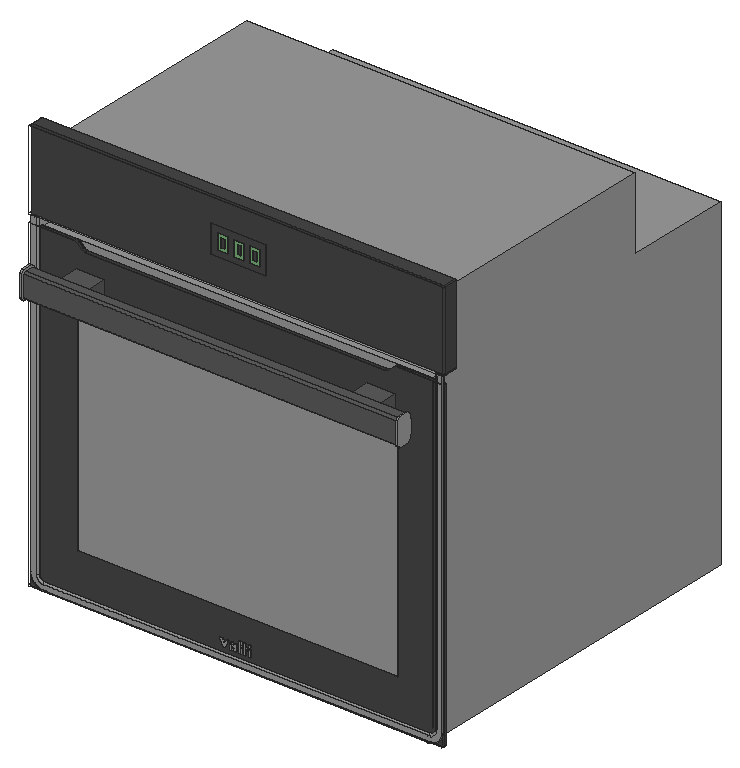
Revit family "59_E750110", category Equipos especializados, Revit 2021
Family settings
  Cota de conector redondo = Diámetro de uso
  Tipo de pieza = Normal
  Se basa en plano de trabajo = No
  Siempre vertical = Sí
  Corte con vacíos al cargar = No
  Compartido = No
  Punto de cálculo de habitación = No
Parameters (values of type "E750110")
  Volumen interior = "75 Litros"
  Voltage / Frecuencia = "220 V"
  Vidrio interior desmontable = "Easy Clean"
  URL = "www.vatti.cl"
  Tirador de puerta = "Acero Inox"
  Timer = "con Autoapagado"
  Termostato con luz indicadora = "Sí"
  Temporizador = "Sí"
  Temperatura Máxima = "250° C"
  Tamaño del producto = "598 x 598 x 555"
  Tamaño del corte en superficie = "598 x 598"
  Sello puerta = "Perimetral 100%"
  Rieles para bandejas = "Multiposición en cuerpo"
  Puerta Vidiro = Panel Vidrio
  Puerta Negro = Panel Negro
  Puerta Interior = Interior Negro
  Potencia = "2880 W"
  Peso = "32,3 Kg"
  Perilla Interior = Perilla Negro
  Perilla Exterior = Acero Inox
  Paneles = "Vidrio - Acero Inox"
  Panel Control Cubierta = Panel Vidrio
  Panel Control = Panel Negro
  Modo de Control = "Control Digital"
  Modelo = "E750110"
  Fabricante = "Vatti"
  Luz Interior = "Sí"
  Instalación = "Empotrado"
  Grill = "Doble"
  Fondo = 55.5 cm
  Facilidad de Uso = "9 programas de cocción"
  Especificación Técnica = "Horno eléctrico empotrable, marca Vatti, modelo E750110"
  Elevación por defecto = 0 cm
  Display = "White Soft Touch Led"
  Descripción = "Horno eléctrico empotrable, marca Vatti, modelo E750110"
  Cuerpo Horno = Steel, Galvanized
  Creado por = "Unibim"
  Convección = "Forzada"
  Contacto teléfono = "+562 2 2478105"
  Contacto e-mail = "cvender@vatti.cl"
  Color Logo = Logo
  Asa Tope = Tapa Asa
  Asa Puerta de Horno = Iron, Gray
  Aprobaciones = "CE/GS/CB/SAA"
  Ancho = 59.8 cm
  Alto = 59.8 cm
  Aislación = "Triple Capa"
Reference planes (cm)
  plane 1 "Center (Front/Back)": y = 0
  plane 2: z = 0
  plane 3 "Center (Left/Right)": x = 0
  plane 4: z = 47.0672
  plane 5: y = 27.75
  plane 6: x = -29.9
  plane 7: x = 29.9
  plane 8: y = -27.75
  plane 9: x = -28.85
  plane 10: x = 28.85
  plane 11: z = 1.05
  plane 12: z = 48.0672
  plane 13: x = -28
  plane 14: x = 28
  plane 15: z = 59.8
Forms (cm)
  Extrusion 1, solid, material "Panel Vidrio" <- "Panel Control Cubierta"
    sketch origin (-91.772, -27.75, 400) x (-1, 0, 0) y (0, 0, 1)
      loop
        line (-62.022, -340.3328) -> (-121.522, -340.3328)
        arc (-121.522, -340.3328) -> (-121.628, -340.3768) -> (-121.672, -340.4828) r 0.15
        line (-121.672, -340.4828) -> (-121.672, -351.7828)
        arc (-121.672, -351.7828) -> (-121.628, -351.8889) -> (-121.522, -351.9328) r 0.15
        line (-121.522, -351.9328) -> (-62.022, -351.9328)
        arc (-62.022, -351.9328) -> (-61.9159, -351.8889) -> (-61.872, -351.7828) r 0.15
        line (-61.872, -351.7828) -> (-61.872, -340.4828)
        arc (-61.872, -340.4828) -> (-61.9159, -340.3768) -> (-62.022, -340.3328) r 0.15
    from 0 to 0.5
  Extrusion 2, solid, material "Panel Vidrio" <- "Puerta Vidiro"
    sketch origin (-91.772, -27.75, 400) x (-1, 0, 0) y (0, 0, 1)
      loop
        arc (-121.522, -352.9328) -> (-121.628, -352.9768) -> (-121.672, -353.0828) r 0.15
        line (-121.672, -353.0828) -> (-121.672, -399.85)
        arc (-121.672, -399.85) -> (-121.628, -399.9561) -> (-121.522, -400) r 0.15
        line (-121.522, -400) -> (-62.022, -400)
        arc (-62.022, -400) -> (-61.9159, -399.9561) -> (-61.872, -399.85) r 0.15
        line (-61.872, -399.85) -> (-61.872, -353.0828)
        arc (-61.872, -353.0828) -> (-61.9159, -352.9768) -> (-62.022, -352.9328) r 0.15
        line (-62.022, -352.9328) -> (-68.482, -352.9328)
        arc (-68.482, -352.9328) -> (-68.7499, -352.9861) -> (-68.977, -353.1379) r 0.7
        line (-68.977, -353.1379) -> (-69.5669, -353.7278)
        arc (-69.5669, -353.7278) -> (-69.794, -353.8796) -> (-70.0619, -353.9328) r 0.7
        line (-70.0619, -353.9328) -> (-113.482, -353.9328)
        arc (-113.482, -353.9328) -> (-113.7499, -353.8796) -> (-113.977, -353.7278) r 0.7
        line (-113.977, -353.7278) -> (-114.5669, -353.1379)
        arc (-114.5669, -353.1379) -> (-114.794, -352.9861) -> (-115.0619, -352.9328) r 0.7
        line (-115.0619, -352.9328) -> (-121.522, -352.9328)
    from 0 to 0.4
  Extrusion 3, solid, material "Panel Negro" <- "Panel Control"
    sketch origin (-91.772, -27.25, 400) x (-1, 0, 0) y (0, 0, 1)
      loop
        line (-62.022, -340.3328) -> (-121.522, -340.3328)
        arc (-121.522, -340.3328) -> (-121.628, -340.3768) -> (-121.672, -340.4828) r 0.15
        line (-121.672, -340.4828) -> (-121.672, -351.7828)
        arc (-121.672, -351.7828) -> (-121.628, -351.8889) -> (-121.522, -351.9328) r 0.15
        line (-121.522, -351.9328) -> (-62.022, -351.9328)
        arc (-62.022, -351.9328) -> (-61.9159, -351.8889) -> (-61.872, -351.7828) r 0.15
        line (-61.872, -351.7828) -> (-61.872, -340.4828)
        arc (-61.872, -340.4828) -> (-61.9159, -340.3768) -> (-62.022, -340.3328) r 0.15
      loop
        line (-87.772, -344.1328) -> (-95.772, -344.1328) -> (-95.772, -348.1328) -> (-87.772, -348.1328) -> (-87.772, -344.1328)
    from 0 to 1.8
  Extrusion 4, solid, material "Panel Negro" <- "Puerta Negro"
    sketch origin (-91.772, -27.35, 400) x (-1, 0, 0) y (0, 0, 1)
      loop
        line (-62.022, -352.9328) -> (-68.482, -352.9328)
        arc (-68.482, -352.9328) -> (-68.7499, -352.9861) -> (-68.977, -353.1379) r 0.7
        line (-68.977, -353.1379) -> (-69.5669, -353.7278)
        arc (-69.5669, -353.7278) -> (-69.794, -353.8796) -> (-70.0619, -353.9328) r 0.7
        line (-70.0619, -353.9328) -> (-113.482, -353.9328)
        arc (-113.482, -353.9328) -> (-113.7499, -353.8796) -> (-113.977, -353.7278) r 0.7
        line (-113.977, -353.7278) -> (-114.5669, -353.1379)
        arc (-114.5669, -353.1379) -> (-114.794, -352.9861) -> (-115.0619, -352.9328) r 0.7
        line (-115.0619, -352.9328) -> (-121.522, -352.9328)
        arc (-121.522, -352.9328) -> (-121.628, -352.9768) -> (-121.672, -353.0828) r 0.15
        line (-121.672, -353.0828) -> (-121.672, -399.85)
        arc (-121.672, -399.85) -> (-121.628, -399.9561) -> (-121.522, -400) r 0.15
        line (-121.522, -400) -> (-62.022, -400)
        arc (-62.022, -400) -> (-61.9159, -399.9561) -> (-61.872, -399.85) r 0.15
        line (-61.872, -399.85) -> (-61.872, -353.0828)
        arc (-61.872, -353.0828) -> (-61.9159, -352.9768) -> (-62.022, -352.9328) r 0.15
      loop
        line (-68.622, -360.9328) -> (-114.922, -360.9328) -> (-114.922, -393.25) -> (-68.622, -393.25) -> (-68.622, -360.9328)
    from 0 to 0.1
  Extrusion 5, solid, material "Interior Negro" <- "Puerta Interior"
    sketch origin (-91.772, -27.25, 400) x (-1, 0, 0) y (0, 0, 1)
      loop
        line (-68.622, -360.9328) -> (-114.922, -360.9328) -> (-114.922, -393.25) -> (-68.622, -393.25) -> (-68.622, -360.9328)
      loop
        line (-63.6864, -352.9328) -> (-119.8575, -352.9328) -> (-119.8575, -398.1)
        arc (-119.8575, -398.1) -> (-119.7885, -398.2666) -> (-119.622, -398.3356) r 0.2356
        line (-119.622, -398.3356) -> (-63.922, -398.3356)
        arc (-63.922, -398.3356) -> (-63.7554, -398.2666) -> (-63.6864, -398.1) r 0.2356
        line (-63.6864, -398.1) -> (-63.6864, -352.9328)
    from 0 to 2.04
  Extrusion 6, void
    sketch origin (-29.75, -25.75, 0) x (-1, 0, 0) y (0, 0, 1)
      loop
        line (-6.6, 47.0672) -> (-6.6, 48.0672) -> (-13.8, 48.0672) -> (-13.8, 47.0672) -> (-6.6, 47.0672)
      loop
        line (-50.6, 47.0672) -> (-45.4, 47.0672) -> (-45.4, 48.0672) -> (-50.6, 48.0672) -> (-50.6, 47.0672)
      loop
        line (-29.65, 47.0672) -> (-29.65, 48.0672) -> (-34.8, 48.0672) -> (-34.8, 47.0672) -> (-29.65, 47.0672)
      loop
        line (-29.55, 48.0672) -> (-29.55, 47.0672) -> (-24.4, 47.0672) -> (-24.4, 48.0672) -> (-29.55, 48.0672)
      loop
        line (-24.3, 48.0672) -> (-24.3, 47.0672) -> (-19.15, 47.0672) -> (-19.15, 48.0672) -> (-24.3, 48.0672)
      loop
        line (-19.05, 48.0672) -> (-19.05, 47.0672) -> (-13.9, 47.0672) -> (-13.9, 48.0672) -> (-19.05, 48.0672)
      loop
        line (-34.9, 47.0672) -> (-34.9, 48.0672) -> (-40.05, 48.0672) -> (-40.05, 47.0672) -> (-34.9, 47.0672)
      loop
        line (-40.15, 47.0672) -> (-40.15, 48.0672) -> (-45.3, 48.0672) -> (-45.3, 47.0672) -> (-40.15, 47.0672)
    from 0 to 1.5
  Extrusion 7, solid, material "Steel, Galvanized" <- "Cuerpo Horno"
    sketch origin (-28.85, -153.4, 86.4408) x (0, 0, 1) y (0, -1, 0)
      loop
        line (-39.4408, -178.2) -> (-39.4408, -162.75) -> (-28.8408, -162.75) -> (-28.8408, -127.85) -> (-86.4408, -127.85) -> (-86.4408, -178.2) -> (-39.4408, -178.2)
    from 0.85 to 56.85
  Extrusion 8, solid, material "Panel Interior"
    sketch origin (-91.772, -25.21, 400) x (-1, 0, 0) y (0, 0, 1)
      loop
        line (-68.622, -360.9328) -> (-114.922, -360.9328) -> (-114.922, -393.25) -> (-68.622, -393.25) -> (-68.622, -360.9328)
    from 0 to -2.12
  Sweep 9, solid, material "Interior Negro"
    path origin (-91.772, -25.75, 400) x (-1, 0, 0) y (0, 0, 1)
      loop
        line (-119.772, -351.9328) -> (-119.772, -398.1)
        arc (-119.772, -398.1) -> (-119.728, -398.2061) -> (-119.622, -398.25) r 0.15
        line (-119.622, -398.25) -> (-63.922, -398.25)
        arc (-63.922, -398.25) -> (-63.8159, -398.2061) -> (-63.772, -398.1) r 0.15
        line (-63.772, -398.1) -> (-63.772, -351.9328)
    profile origin (-28, -25.75, 24.9836) x (1, 0, 0) y (0, 1, 0)
      loop
        line (0, 0) -> (-0.0856, 0) -> (-0.7013, -1.6222)
        arc (-0.7013, -1.6222) -> (-0.7821, -1.7252) -> (-0.907, -1.7642) r 0.22
        line (-0.907, -1.7642) -> (-1.71, -1.7642)
        arc (-1.71, -1.7642) -> (-1.75, -1.8042) -> (-1.71, -1.8442) r 0.04
        line (-1.71, -1.8442) -> (-0.907, -1.8442)
        arc (-0.907, -1.8442) -> (-0.7366, -1.7911) -> (-0.6265, -1.6506) r 0.3
        line (-0.6265, -1.6506) -> (0, 0)
  Extrusion 10, solid, material "Iron, Gray" <- "Asa Puerta de Horno"
    sketch origin (0, 0, 0) x (0, 1, 0) y (0, 0, 1)
      loop
        line (-32.1, 43.7172) -> (-32.35, 43.4672) -> (-32.35, 40.3672) -> (-32.1, 40.1172) -> (-30.8, 40.1172) -> (-30.55, 40.3672)
        arc (-30.55, 40.3672) -> (-30.3563, 41.9172) -> (-30.55, 43.4672) r 6.3
        line (-30.55, 43.4672) -> (-30.8, 43.7172) -> (-32.1, 43.7172)
    from -27 to 27
  Extrusion 11, solid, material "Iron, Gray" <- "Asa Puerta de Horno"
    sketch origin (-91.772, -27.75, 400) x (-1, 0, 0) y (0, 0, 1)
      loop
        line (-68.772, -356.5328) -> (-72.772, -356.5328) -> (-72.772, -359.6328) -> (-68.772, -359.6328) -> (-68.772, -356.5328)
      loop
        line (-114.772, -356.5328) -> (-114.772, -359.6328) -> (-110.772, -359.6328) -> (-110.772, -356.5328) -> (-114.772, -356.5328)
    from 0 to -3.1064
  Blend 12, solid, material "Steel, Galvanized" <- "Cuerpo Horno"
    base sketch origin (-28.85, 24.8, 0) x (0, 0, 1) y (1, 0, 0)
      loop
        line (44, 8.85) -> (44, 48.85)
        arc (44, 48.85) -> (42.5355, 52.3855) -> (39, 53.85) r 5
        line (39, 53.85) -> (8, 53.85)
        arc (8, 53.85) -> (4.4645, 52.3855) -> (3, 48.85) r 5
        line (3, 48.85) -> (3, 8.85)
        arc (3, 8.85) -> (4.4645, 5.3145) -> (8, 3.85) r 5
        line (8, 3.85) -> (39, 3.85)
        arc (39, 3.85) -> (42.5355, 5.3145) -> (44, 8.85) r 5
    top sketch origin (-28.85, 24.8, 0) x (0, 0, 1) y (1, 0, 0)
      loop
        line (41, 8.85) -> (41, 48.85)
        arc (41, 48.85) -> (40.4142, 50.2642) -> (39, 50.85) r 2
        line (39, 50.85) -> (8, 50.85)
        arc (8, 50.85) -> (6.5858, 50.2642) -> (6, 48.85) r 2
        line (6, 48.85) -> (6, 8.85)
        arc (6, 8.85) -> (6.5858, 7.4358) -> (8, 6.85) r 2
        line (8, 6.85) -> (39, 6.85)
        arc (39, 6.85) -> (40.4142, 7.4358) -> (41, 8.85) r 2
    from 0 to 2.95
  Extrusion 13, solid, material "Panel Negro" <- "Panel Control"
    sketch origin (-28.85, 9.35, 47) x (0, 0, 1) y (1, 0, 0)
      loop
        line (8.1, 41.85) -> (8.1, 50.85) -> (2.5, 50.85) -> (2.5, 41.85) -> (8.1, 41.85)
    from 0 to 3
  Extrusion 14, solid, material "Tapa Asa" <- "Asa Tope"
    sketch origin (-27, 0, 0) x (0, -1, 0) y (0, 0, 1)
      loop
        line (30.7172, 43.9172) -> (30.37, 43.57)
        arc (30.37, 43.57) -> (30.1563, 41.9172) -> (30.37, 40.2643) r 6.5
        line (30.37, 40.2643) -> (30.7172, 39.9172) -> (32.1828, 39.9172) -> (32.55, 40.2843) -> (32.55, 43.55) -> (32.1828, 43.9172) -> (30.7172, 43.9172)
    from 0 to 0.3
  Extrusion 15, solid, material "Tapa Asa" <- "Asa Tope"
    sketch origin (27, 0, 0) x (0, -1, 0) y (0, 0, -1)
      loop
        line (30.7172, -43.9172) -> (32.1828, -43.9172) -> (32.55, -43.55) -> (32.55, -40.2843) -> (32.1828, -39.9172) -> (30.7172, -39.9172) -> (30.37, -40.2643)
        arc (30.37, -40.2643) -> (30.1563, -41.9172) -> (30.37, -43.57) r 6.5
        line (30.37, -43.57) -> (30.7172, -43.9172)
    from 0 to 0.3
  Extrusion 16, solid, material "Panel Negro" <- "Panel Control"
    sketch origin (-91.772, -27.75, 400) x (1, 0, 0) y (0, 0, 1)
      loop
        line (87.772, -344.1328) -> (87.772, -348.1328) -> (95.772, -348.1328) -> (95.772, -344.1328) -> (87.772, -344.1328)
      loop
        line (88.765, -345.0589) -> (88.765, -347.2835) -> (90.265, -347.2835) -> (90.265, -345.0589) -> (88.765, -345.0589)
      loop
        line (91.1463, -345.0589) -> (91.1463, -347.2835) -> (92.619, -347.2835) -> (92.619, -345.0589) -> (91.1463, -345.0589)
      loop
        line (93.4023, -345.0589) -> (93.4023, -347.2835) -> (94.8749, -347.2835) -> (94.8749, -345.0589) -> (93.4023, -345.0589)
      loop
        line (94.3749, -345.5589) -> (93.9023, -345.5589) -> (93.9023, -346.7835) -> (94.3749, -346.7835) -> (94.3749, -345.5589)
      loop
        line (91.6463, -345.5589) -> (91.6463, -346.7835) -> (92.119, -346.7835) -> (92.119, -345.5589) -> (91.6463, -345.5589)
      loop
        line (89.765, -345.5589) -> (89.265, -345.5589) -> (89.265, -346.7835) -> (89.765, -346.7835) -> (89.765, -345.5589)
    from -2.3 to -0.5
  Extrusion 17, solid, material "led"
    sketch origin (-91.772, -27.75, 400) x (1, 0, 0) y (0, 0, 1)
      loop
        line (88.765, -345.0589) -> (88.765, -347.2835) -> (90.265, -347.2835) -> (90.265, -345.0589) -> (88.765, -345.0589)
      loop
        line (91.1463, -345.0589) -> (91.1463, -347.2835) -> (92.619, -347.2835) -> (92.619, -345.0589) -> (91.1463, -345.0589)
      loop
        line (93.4023, -345.0589) -> (93.4023, -347.2835) -> (94.8749, -347.2835) -> (94.8749, -345.0589) -> (93.4023, -345.0589)
      loop
        line (94.3749, -345.5589) -> (93.9023, -345.5589) -> (93.9023, -346.7835) -> (94.3749, -346.7835) -> (94.3749, -345.5589)
      loop
        line (91.6463, -345.5589) -> (91.6463, -346.7835) -> (92.119, -346.7835) -> (92.119, -345.5589) -> (91.6463, -345.5589)
      loop
        line (89.765, -345.5589) -> (89.265, -345.5589) -> (89.265, -346.7835) -> (89.765, -346.7835) -> (89.765, -345.5589)
    from -2.3 to -0.5
Cuts and joins
  Extrusion 6 cuts Extrusion 7
  joined: Extrusion 7, Blend 12
  joined: Extrusion 10, Extrusion 11
Dimensions and locks (cm)
  equal spacing: plane 6, plane 3 "Center (Left/Right)", plane 7
  equal spacing: plane 5, plane 1 "Center (Front/Back)", plane 8
  "Fondo": plane 5 to plane 8
  "Ancho": plane 6 to plane 7
  plane 9 to plane 6 = 1.05 cm
  plane 7 to plane 10 = 1.05 cm
  plane 11 to level = 1.05 cm
  plane 4 to level = 47.0672 cm
  plane 12 to plane 4 = 1 cm
  "Alto": plane 15 to level
  aligned and locked: level to plane 2
  aligned and locked: plane 4 to Extrusion 2
Automatic sketch dimensions
  Extrusion 1 sketch curve to plane 7 = 0 cm
  Extrusion 1 sketch curve to plane 12 = 0 cm
  Extrusion 1 sketch curve to plane 6 = 0 cm
  Extrusion 1 sketch curve to Extrusion 1 sketch curve = 0.15 cm  (x2)
  plane 6 to Extrusion 1 sketch curve = 0.15 cm  (x2)
  Extrusion 1 sketch curve to plane 15 = 0.2828 cm
  Extrusion 2 sketch curve to plane 7 = 0 cm
  Extrusion 2 sketch curve to plane 4 = 0 cm  (x2)
  Extrusion 2 sketch curve to level = 0 cm
  Extrusion 2 sketch curve to plane 6 = 0 cm
  Extrusion 2 sketch curve to plane 7 = 0.15 cm
  level to Extrusion 2 sketch curve = 0.15 cm
  plane 14 to Extrusion 2 sketch curve = 4.7101 cm
  Extrusion 2 sketch curve to plane 4 = 0.205 cm  (x2)
  Extrusion 2 sketch curve to Extrusion 2 sketch curve = 0.495 cm  (x3)
  Extrusion 2 sketch curve to plane 4 = 0.795 cm  (x2)
  Extrusion 2 sketch curve to Extrusion 2 sketch curve = 0.5899 cm  (x2)
  Extrusion 2 sketch curve to plane 4 = 0.3 cm  (x2)
  Extrusion 2 sketch curve to plane 13 = 6.2899 cm
  plane 6 to Extrusion 2 sketch curve = 0.15 cm
  Extrusion 2 sketch curve to Extrusion 2 sketch curve = 0.15 cm
  Extrusion 2 to Extrusion 4 sketch curve = 0 cm
  Extrusion 4 sketch curve to Extrusion 2 = 0 cm
  Extrusion 4 sketch curve to Extrusion 4 sketch curve = 0.15 cm
  Extrusion 2 to Extrusion 4 sketch curve = 0.3 cm
  Extrusion 4 sketch curve to Extrusion 2 = 6.75 cm  (x3)
  Extrusion 4 sketch curve to Extrusion 2 = 0.205 cm  (x2)
  Extrusion 2 to Extrusion 4 sketch curve = 0.205 cm  (x2)
  Extrusion 4 sketch curve to Extrusion 2 = 0.3 cm
  Extrusion 4 sketch curve to Extrusion 2 = 0.15 cm
  Extrusion 4 sketch curve to Extrusion 2 = 7 cm
  Extrusion 5 sketch curve to Extrusion 4 = 0 cm  (x5)
  Extrusion 5 sketch curve to Extrusion 4 = 2.05 cm  (x2)
  Extrusion 5 sketch curve to Extrusion 4 = 1.8144 cm
  Extrusion 5 sketch curve to Extrusion 5 sketch curve = 0.2356 cm
  Extrusion 5 sketch curve to Extrusion 4 = 1.9 cm
  Extrusion 6 sketch curve to plane 4 = 0 cm  (x8)
  Extrusion 6 sketch curve to plane 12 = 0 cm  (x8)
  plane 14 to Extrusion 6 sketch curve = 7.15 cm
  Extrusion 6 sketch curve to Extrusion 6 sketch curve = 5.2 cm
  Extrusion 6 sketch curve to Extrusion 6 sketch curve = 0.1 cm  (x7)
  Extrusion 6 sketch curve to Extrusion 6 sketch curve = 5.15 cm  (x5)
  Extrusion 6 sketch curve to plane 3 "Center (Left/Right)" = 0.1 cm
  Extrusion 6 sketch curve to plane 13 = 4.85 cm
  Extrusion 7 sketch curve to level = 0 cm
  Extrusion 7 sketch curve to plane 4 = 0.0672 cm
  Extrusion 7 sketch curve to plane 15 = 2.2 cm
  Extrusion 7 sketch curve to plane 5 = 2.95 cm
  Extrusion 7 sketch curve to plane 1 "Center (Front/Back)" = 9.35 cm
  plane 8 to Extrusion 7 sketch curve = 2.2 cm
  Extrusion 8 sketch curve to Extrusion 5 = 0 cm  (x4)
  plane 14 to Sweep 9 sketch curve = 0 cm
  Sweep 9 sketch curve to plane 12 = 0 cm  (x2)
  plane 13 to Sweep 9 sketch curve = 0 cm
  plane 14 to Sweep 9 sketch curve = 0.15 cm
  Sweep 9 sketch curve to Sweep 9 sketch curve = 0.15 cm
  plane 11 to Sweep 9 sketch curve = 0.85 cm
  Sweep 9 sketch curve to Sweep 9 sketch curve = 0 cm  (x2)
  Sweep 9 sketch curve to profile plane = 0 cm  (x2)
  Sweep 9 sketch curve to Sweep 9 sketch curve = 0.0856 cm
  profile plane to Sweep 9 sketch curve = 0.6265 cm
  Sweep 9 sketch curve to Sweep 9 sketch curve = 0.0748 cm
  Sweep 9 sketch curve to Sweep 9 sketch curve = 0.2057 cm
  Sweep 9 sketch curve to Sweep 9 sketch curve = 0.803 cm
  Sweep 9 sketch curve to profile plane = 1.5442 cm
  Sweep 9 sketch curve to Sweep 9 sketch curve = 0.0781 cm
  Sweep 9 sketch curve to Sweep 9 sketch curve = 0.0284 cm
  Extrusion 10 sketch curve to plane 8 = 8.9063 cm
  Extrusion 10 sketch curve to Extrusion 10 sketch curve = 4.3063 cm
  Extrusion 10 sketch curve to Extrusion 10 sketch curve = 0.25 cm  (x7)
  Extrusion 10 sketch curve to Extrusion 10 sketch curve = 1.3 cm  (x2)
  Extrusion 10 sketch curve to plane 4 = 6.95 cm
  Extrusion 10 sketch curve to Extrusion 10 sketch curve = 1.55 cm
  Extrusion 10 sketch curve to Extrusion 10 sketch curve = 0 cm
  plane 14 to Extrusion 11 sketch curve = 5 cm
  Extrusion 11 sketch curve to Extrusion 11 sketch curve = 4 cm  (x2)
  Extrusion 11 sketch curve to plane 4 = 3.6 cm  (x2)
  Extrusion 11 sketch curve to plane 13 = 9 cm
  Extrusion 11 sketch curve to Extrusion 11 sketch curve = 3.1 cm  (x2)
  Blend 12 sketch curve to Extrusion 7 = 3 cm
  Extrusion 7 to Blend 12 sketch curve = 3 cm  (x3)
  Blend 12 sketch curve to Blend 12 sketch curve = 5 cm  (x2)
  Extrusion 7 to Blend 12 sketch curve = 8 cm  (x5)
  Blend 12 sketch curve to Extrusion 7 = 6 cm
  Blend 12 sketch curve to Blend 12 sketch curve = 2 cm  (x3)
  Extrusion 7 to Blend 12 sketch curve = 6 cm
  Extrusion 7 to Extrusion 13 sketch curve = 2.5 cm  (x2)
  Extrusion 7 to Extrusion 13 sketch curve = 15 cm
  Extrusion 7 to Extrusion 13 sketch curve = 6 cm
  Extrusion 10 to Extrusion 14 sketch curve = 0.2 cm  (x3)
  Extrusion 14 sketch curve to Extrusion 10 = 0.1672 cm  (x4)
  Extrusion 14 sketch curve to Extrusion 14 sketch curve = 1.4657 cm  (x2)
  Extrusion 14 sketch curve to Extrusion 10 = 0.1471 cm  (x2)
  Extrusion 15 sketch curve to plane 8 = 2.62 cm  (x2)
  Extrusion 15 sketch curve to Extrusion 15 sketch curve = 0.3471 cm  (x4)
  Extrusion 15 sketch curve to Extrusion 15 sketch curve = 1.4657 cm  (x2)
  Extrusion 15 sketch curve to Extrusion 15 sketch curve = 0.3672 cm  (x2)
  Extrusion 15 sketch curve to Extrusion 15 sketch curve = 4.1063 cm
  Extrusion 15 sketch curve to plane 4 = 3.15 cm
  Extrusion 15 sketch curve to Extrusion 15 sketch curve = 1.6328 cm
  Extrusion 15 sketch curve to Extrusion 15 sketch curve = 0.02 cm
  Extrusion 3 sketch curve to Extrusion 1 = 0.15 cm  (x2)
  Extrusion 3 sketch curve to Extrusion 1 = 3.8 cm  (x2)
  Extrusion 3 sketch curve to Extrusion 1 = 25.9 cm
  Extrusion 3 sketch curve to Extrusion 3 sketch curve = 8 cm
  Extrusion 16 sketch curve to Extrusion 1 = 3.8 cm
  Extrusion 16 sketch curve to Extrusion 1 = 25.9 cm
  Extrusion 16 sketch curve to Extrusion 16 sketch curve = 0.9931 cm
  Extrusion 16 sketch curve to Extrusion 16 sketch curve = 0.8813 cm
  Extrusion 16 sketch curve to Extrusion 16 sketch curve = 1.4726 cm
  Extrusion 16 sketch curve to Extrusion 16 sketch curve = 0.7833 cm
  Extrusion 16 sketch curve to Extrusion 16 sketch curve = 0.897 cm
  Extrusion 16 sketch curve to Extrusion 16 sketch curve = 0.8493 cm  (x2)
  Extrusion 16 sketch curve to Extrusion 16 sketch curve = 0 cm
  Extrusion 16 sketch curve to Extrusion 16 sketch curve = 2.2246 cm  (x3)
  Extrusion 16 sketch curve to Extrusion 16 sketch curve = 0.9261 cm
  Extrusion 16 sketch curve to Extrusion 16 sketch curve = 0.5 cm  (x13)
  Extrusion 16 sketch curve to Extrusion 16 sketch curve = 0.4726 cm
  Extrusion 17 sketch curve to Extrusion 17 sketch curve = 0.5 cm  (x13)
  Extrusion 17 sketch curve to Extrusion 17 sketch curve = 0.8813 cm
  Extrusion 17 sketch curve to Extrusion 17 sketch curve = 0.4726 cm  (x2)
  Extrusion 17 sketch curve to Extrusion 17 sketch curve = 0.7833 cm
  Extrusion 17 sketch curve to Extrusion 17 sketch curve = 0 cm  (x2)
  Extrusion 17 sketch curve to Extrusion 17 sketch curve = 1.2246 cm  (x3)
  Extrusion 17 sketch curve to Extrusion 1 = 4.6493 cm
  Extrusion 17 sketch curve to Extrusion 1 = 26.8931 cm
  radius of Extrusion 4 sketch curve to Extrusion 2 = 0 cm  (x4)
  radius of Extrusion 10 to Extrusion 14 sketch curve = 0.2 cm
  radius of Extrusion 3 sketch curve to Extrusion 1 = 0 cm  (x2)
Nested families (cm)
  nested 1: "Logo Plano" at (0, -27.75, 2.9579) x (1, 0, 0) z (0, -1, 0), type "Logo Plano"
Connectors (cm)
  electrical at (17.5, 12.35, 52.3)
    settings: on Extrusion 13, index 1, voltage 220 V, apparent load 0 VA, apparent load phase1 0 VA, apparent load phase2 0 VA, apparent load phase3 0 VA, power factor 1, load classification "Other", number of poles 1, system type 31, power factor state 1, is connector primary yes, connector utility no, sub classification motor no, connector description ""
Definition of nested family "Logo Plano"
  Parameters (values of type "Logo Plano")
    Default Elevation = 121.92 cm
    Color Logo = none
  Reference planes (cm)
    plane 1 "Center (Front/Back)": y = 0
    plane 2: z = 0
    plane 3 "Center (Left/Right)": x = 0
  Forms (cm)
    Extrusion 1, solid
      sketch origin (0, 0, 0) x (1, 0, 0) y (0, 1, 0)
        loop
          line (-121.92, 121.92) -> (-121.92, -121.92) -> (121.92, -121.92) -> (121.92, 121.92) -> (-121.92, 121.92)
      from 0 to -30.48
    Extrusion 2, solid, material <- "Color Logo"
      sketch origin (0, 0, 0) x (1, 0, 0) y (0, 1, 0)
        loop
          line (1.8947, 0.6129) -> (1.8947, 0.3229) -> (2.2247, 0.3229) -> (2.2247, 0.6129) -> (1.8947, 0.6129)
        loop
          line (1.8947, -0.873) -> (2.2247, -0.873) -> (2.2247, 0.1687) -> (1.8947, 0.1687) -> (1.8947, -0.873)
        loop
          line (1.2047, 0.6129) -> (1.2047, -0.773)
          arc (1.2047, -0.773) -> (1.2339, -0.8437) -> (1.3047, -0.873) r 0.1
          line (1.3047, -0.873) -> (1.5347, -0.873) -> (1.5347, -0.1313) -> (1.7247, -0.1313) -> (1.7247, 0.1687) -> (1.5347, 0.1687) -> (1.5347, 0.6129) -> (1.2047, 0.6129)
        loop
          line (0.4944, 0.6129) -> (0.4944, -0.773)
          arc (0.4944, -0.773) -> (0.5236, -0.8437) -> (0.5944, -0.873) r 0.1
          line (0.5944, -0.873) -> (0.8244, -0.873) -> (0.8244, -0.1313) -> (1.0144, -0.1313) -> (1.0144, 0.1687) -> (0.8244, 0.1687) -> (0.8244, 0.6129) -> (0.4944, 0.6129)
        loop
          line (0.0962, 0.1687) -> (-0.6704, 0.1687) -> (-0.7785, -0.063) -> (-0.1838, -0.063)
          arc (-0.1838, -0.063) -> (-0.1484, -0.0777) -> (-0.1338, -0.113) r 0.05
          line (-0.1338, -0.113) -> (-0.1338, -0.233) -> (-0.7438, -0.233)
          arc (-0.7438, -0.233) -> (-0.8145, -0.2623) -> (-0.8438, -0.333) r 0.1
          line (-0.8438, -0.333) -> (-0.8438, -0.773)
          arc (-0.8438, -0.773) -> (-0.8145, -0.8437) -> (-0.7438, -0.873) r 0.1
          line (-0.7438, -0.873) -> (0.0962, -0.873)
          arc (0.0962, -0.873) -> (0.1669, -0.8437) -> (0.1962, -0.773) r 0.1
          line (0.1962, -0.773) -> (0.1962, 0.0687)
          arc (0.1962, 0.0687) -> (0.1669, 0.1394) -> (0.0962, 0.1687) r 0.1
        loop
          line (-0.1838, -0.468) -> (-0.4538, -0.468)
          arc (-0.4538, -0.468) -> (-0.4891, -0.4827) -> (-0.5038, -0.518) r 0.05
          line (-0.5038, -0.518) -> (-0.5038, -0.598)
          arc (-0.5038, -0.598) -> (-0.4891, -0.6334) -> (-0.4538, -0.648) r 0.05
          line (-0.4538, -0.648) -> (-0.1838, -0.648)
          arc (-0.1838, -0.648) -> (-0.1484, -0.6334) -> (-0.1338, -0.598) r 0.05
          line (-0.1338, -0.598) -> (-0.1338, -0.518)
          arc (-0.1338, -0.518) -> (-0.1484, -0.4827) -> (-0.1838, -0.468) r 0.05
        loop
          line (-1.8848, 0.1687) -> (-2.2224, 0.1687) -> (-1.7934, -0.7357)
          arc (-1.7934, -0.7357) -> (-1.5765, -0.8728) -> (-1.3597, -0.7357) r 0.24
          line (-1.3597, -0.7357) -> (-0.9307, 0.1687) -> (-1.2682, 0.1687) -> (-1.5765, -0.4812) -> (-1.8848, 0.1687)
      from 0 to 0.1
    Extrusion 3, void
      sketch origin (0, 0, 0) x (1, 0, 0) y (0, 1, 0)
        loop
          line (-2.5564, 1.2198) -> (-2.5564, -1.2802) -> (2.6825, -1.2802) -> (2.6825, 1.2198) -> (-2.5564, 1.2198)
      from 0.02 to 0.1
  Cuts and joins
    Extrusion 3 cuts Extrusion 2
  Dimensions and locks (cm)
    aligned and locked: plane 2 to Extrusion 1
    aligned and locked: level to Extrusion 1
